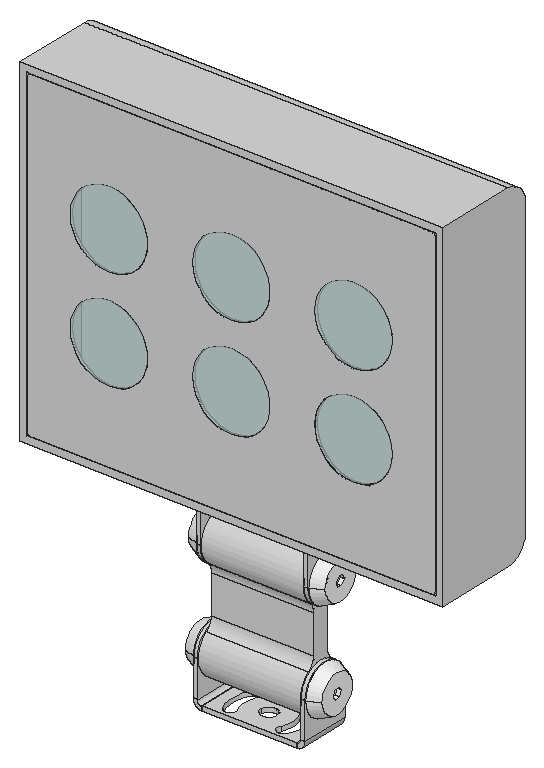
Revit family "Duomo 3.0", category Lighting Fixtures, Revit 2020
Family settings
  Round Connector Dimension = Use Diameter
  Part Type = Normal
  OmniClass Number = 23.80.70.00
  OmniClass Title = Lighting
  Work Plane-Based = No
  Always vertical = No
  Cut with Voids When Loaded = No
  Light Source = No
  Shared = No
  Room Calculation Point = Yes
Parameters (values of type "DUOMO 3.0 J 43° (3000K 28W 230Vac)")
  Wiring = "parallel"
  Width mm = 50 mm
  Weight kg = "2.10 kg"
  Vertical rotation max = 220.00°
  Vertical Rotation Structure max [instance] = 280.00°
  Vertical Rotation Structure Adjusted [instance] = if(Vertical Rotation Structure 2 < Vertical Rotation Structure min, Vertical Rotation Structure min, if(Vertical Rotation Structure 2 > Vertical Rotation Structure max, Vertical Rotation Structure max, Vertical Rotation Structure 2))  # 180.00°
  Vertical Rotation Structure 2 [instance] = Vertical Rotation Structure + 180.00°  # 180.00°
  Vertical Rotation Structure min [instance] = 60.00°
  Vertical Rotation Body min [instance] = 60.00°
  Vertical Rotation Body max [instance] = 280.00°
  Vertical Rotation Body Adjusted [instance] = if(Vertical Rotation Body 2 < Vertical Rotation Body min, Vertical Rotation Body min, if(Vertical Rotation Body 2 > Vertical Rotation Body max, Vertical Rotation Body max, Vertical Rotation Body 2))  # 180.00°
  Vertical Rotation Body 2 [instance] = Vertical Rotation Body + 180.00°  # 180.00°
  Vertical Rotation Body [instance] = 0.00°
  URL Accessories and power supply units = "https://www.lucelight.it/en/prodotto.php/130326#a-scheda-accessori"
  URL = "https://www.lucelight.it/en/prodotto.php/130326"
  URL Technical sheet = "-"
  URL Image = "https://www.lucelight.it/en/prodotto-foto.php/130326"
  URL IES Photometric file = "https://www.lucelight.it/media/prodotti/fotometrie/duomo_3.0_ies.zip"
  URL General code = "https://www.lucelight.it/en/prodotto.php/130326#a-generacodice"
  URL Description = "https://www.lucelight.it/en/capitolato.php/130326"
  URL DXF = "https://www.lucelight.it/media/prodotti/dxf/duomo_3.0.dxf"
  URL Catalogue = "-"
  Screw = L&L_Steel inox AISI 316L
  Power supply unit = "built-in"
  Power supply = "230Vac\r\n230Vac"
  Power cables = "-"
  Light Source = Light Source_30 : J 43°
  Connector = L&L_Plastic
  Power = "28W"
  Optics = "43°"
  No. and type of led = "6 power LEDs High Intensity, 3-step MacAdam, 50 000h L90 B10 (Ta 25°C)"
  Model = "Duomo 3.0"
  Manufacturer = "L&L Luce&Light"
  Notes = "available on request with adapter for Eurostandard track and in 1–10V or PUSH version, or with Bluetooth control"
  Mounting = "surface mounted (ceiling, wall, floor)"
  Material = "body and arm in Anticorodal aluminium,  screen in serigraphed, tempered, extra-clear glass"
  Lumen output at source = "2277 lm (3000K, CRI 90), 2640 lm (3000K, CRI 80)"
  Description = "Projector for indoor applications"
  Default Elevation = 0 mm
  Body = L&L_Anticorodal aluminium
  Base = L&L_Anticorodal aluminium
  Lens = L&L_Tempered extra-clear glass
  Length mm = 206 mm
  LED Colour = "3000K (also available: 2700K and 4000K - ref. URL Technical sheet)"
  IP = "IP54"
  Height mm = 166 mm
  Vertical Rotation Structure [instance] = 0.00°
  Features = "electrical wiring simplified by the ability to connect the electrical cables directly to the connector"
  Energy efficiency class = "A A+ A++"
  Delivered lumen output = "1982 lm (3000K, 30°, CRI 90), 2142 lm (3000K, 30°, CRI 80)"
  Cutout dimensions = "-"
  Control system = "DALI, ON/OFF"
  Contact = "T: +39 0444 360571; E: lucelight@lucelight.it"
  Company = "L&L Luce&Light"
  Code = "-"
  CRI = ">90 (also available: CRI 80 - ref. URL Technical sheet)"
  Apparent Load Phase 1 = 28 W
Types (8, lengths in mm): name | Light Source | Optics
  DUOMO 3.0 J 43° (3000K 28W 230Vac) | Light Source_30 : J 43° | "43°"
  DUOMO 3.0 K 63° (3000K 28W 230Vac) | Light Source_30 : K 63° | "63°"
  DUOMO 3.0 L 35° (3000K 28W 230Vac) | Light Source_30 : L 35° | "35°"
  DUOMO 3.0 M 30° (3000K 28W 230Vac) | Light Source_30 : M 30° | "30°"
  DUOMO 3.0 S 14° (3000K 28W 230Vac) | Light Source_30 : S 14° | "14°"
  DUOMO 3.0 T 10° (3000K 28W 230Vac) | Light Source_30 : T 10° | "10°"
  DUOMO 3.0 W 18°x44° (3000K 28W 230Vac) | Light Source_30 : W 18°x44° | "18°x44°"
  DUOMO 3.0 X 44°x18° (3000K 28W 230Vac) | Light Source_30 : X 44°x18° | "44°x18°"
Reference planes
  plane 1 "Light Source Axis (F/B)": y = 0
  plane 2: z = 0
  plane 3 "Light Source Axis (L/R)": x = 0
  plane 4 "Light Source Elevation": z = 420
Lines and regions (mm)
  reference lines
    curve 1: line (0, 0, 22) -> (0, 0, -55)
    curve 2: line (0, 0, 22) -> (0, 0, 82)
Dimensions and locks
  level to plane 4 "Light Source Elevation" = 420 mm
  locked: curve 1 to level (angle 90.00°)
  "Vertical Rotation Structure Adjusted": angle curve 1 to curve 2
  aligned and locked: level to plane 2
  aligned and locked: curve 1 to plane 1 "Light Source Axis (F/B)"
Automatic sketch dimensions
  level to curve 2 = 22 mm
Nested families
  nested 1: "Bracket" at (0, 0, 0), Vertical Rotation <- "Vertical Rotation Structure Adjusted", Base Braket <- "Base", Screw <- "Screw", type "Bracket"
    with Vertical Rotation 180.00°, Screw L&L_Steel inox AISI 316L, Base Braket L&L_Anticorodal aluminium
  nested 2: "Duomo 30_Body" at (1.486, 0, 72), Vertical Rotation <- "Vertical Rotation Body Adjusted", Base Braket <- "Base", Body <- "Body", Connector <- "Connector", Lens <- "Lens", Screw <- "Screw", type "Duomo 30_Body"
    with Vertical Rotation 180.00°, Screw L&L_Steel inox AISI 316L, Lens L&L_Tempered extra-clear glass, Connector L&L_Plastic, Body L&L_Anticorodal aluminium, Base Braket L&L_Anticorodal aluminium
  nested 3: "Light Source_30" at (-9.559, -21.5, 177.49) x (-1, 0, 0) z (0, -1, 0), type <- "Light Source", type "J 43°"
Connectors
  electrical at (0, 0, 0)
    settings: index 1, voltage 0 V, apparent load 0 VA, apparent load phase1 0 VA, apparent load phase2 0 VA, apparent load phase3 0 VA, power factor 1, load classification "Other", number of poles 1, system type 31, power factor state 1, is connector primary yes, connector utility no, sub classification motor no, connector description ""
Definition of nested family "Bracket"
  Parameters (values of type "Bracket")
    Width = 24 mm
    Vertical Rotation [instance] = 180.00°
    Screw [instance] = none
    Length = 66.8 mm
    Default Elevation = 0 mm
    Base Braket [instance] = none
  Reference planes
    plane 1 "Light Source Axis (F/B)": y = 0
    plane 2: z = 0
    plane 3 "Light Source Axis (L/R)": x = 0
    plane 4 "Light Source Elevation": z = 475
    plane 5: x = -33.4
    plane 6: x = 33.4
    plane 7: y = 12
    plane 8: y = -12
  Forms (mm)
    Extrusion 1, solid, material <- "Base Braket"
      sketch origin (0, 0, 0) x (1, 0, 0) y (0, 0, 1)
        loop
          arc (-27.4, 4) -> (-26.228, 1.172) -> (-23.4, 0) r 4
          line (-23.4, 0) -> (-23.4, 2)
          arc (-23.4, 2) -> (-24.814, 2.586) -> (-25.4, 4) r 2
          line (-25.4, 4) -> (-27.4, 4)
        loop
          arc (23.4, 0) -> (26.228, 1.172) -> (27.4, 4) r 4
          line (27.4, 4) -> (25.4, 4)
          arc (25.4, 4) -> (24.814, 2.586) -> (23.4, 2) r 2
          line (23.4, 2) -> (23.4, 0)
      from -12 to 12
    Extrusion 2, solid, material <- "Base Braket", detail levels coarse+medium
      sketch origin (0, 0, 0) x (1, 0, 0) y (0, 1, 0)
        loop
          line (-23.4, 12) -> (-23.4, -12) -> (23.4, -12) -> (23.4, 12) -> (-23.4, 12)
      from 0 to 2
    Extrusion 3, solid, material <- "Base Braket", detail levels fine
      sketch origin (0, 0, 0) x (1, 0, 0) y (0, 1, 0)
        loop
          line (-23.4, 12) -> (-23.4, -12) -> (23.4, -12) -> (23.4, 12) -> (-23.4, 12)
        loop
          circle (0, 0) r 4
        loop
          arc (-10.442, 5.913) -> (-11.574, 10.002) -> (-15.663, 8.87) r 3
          arc (-15.663, 8.87) -> (-18, 0) -> (-15.663, -8.87) r 18
          arc (-15.663, -8.87) -> (-11.574, -10.002) -> (-10.442, -5.913) r 3
          arc (-10.442, -5.913) -> (-12, 0) -> (-10.442, 5.913) r 12
        loop
          arc (10.442, 5.913) -> (12, 0) -> (10.442, -5.913) r 12
          arc (10.442, -5.913) -> (11.574, -10.002) -> (15.663, -8.87) r 3
          arc (15.663, -8.87) -> (18, 0) -> (15.663, 8.87) r 18
          arc (15.663, 8.87) -> (11.574, 10.002) -> (10.442, 5.913) r 3
      from 0 to 2
    Extrusion 4, solid, material <- "Base Braket"
      sketch origin (0, 0, 0) x (0, 1, 0) y (0, 0, 1)
        loop
          line (12, 4) -> (12, 22)
          arc (12, 22) -> (0, 34) -> (-12, 22) r 12
          line (-12, 22) -> (-12, 4) -> (12, 4)
      from -27.4 to -25.4
    Extrusion 5, solid, material <- "Base Braket"
      sketch origin (31.914, 0, 0) x (0, 1, 0) y (0, 0, 1)
        loop
          line (12, 4) -> (12, 22)
          arc (12, 22) -> (0, 34) -> (-12, 22) r 12
          line (-12, 22) -> (-12, 4) -> (12, 4)
      from -6.514 to -4.514
    Blend 6, solid, material <- "Screw", detail levels fine
      base sketch origin (0, 0, 0) x (0, 1, 0) y (0, 0, 1)
        loop
          circle (0, 22) r 12
      top sketch origin (0, 0, 0) x (0, 1, 0) y (0, 0, 1)
        loop
          circle (0, 22) r 9.138
      from 27.4 to 33.4
    Blend 7, solid, material <- "Screw", detail levels fine
      base sketch origin (0, 0, 0) x (0, 1, 0) y (0, 0, -1)
        loop
          circle (0, -22) r 12
      top sketch origin (0, 0, 0) x (0, 1, 0) y (0, 0, -1)
        loop
          circle (0, -22) r 9.138
      from 27.4 to 33.4
    Extrusion 8, solid, material <- "Screw", detail levels medium
      sketch origin (0, 0, 0) x (0, 1, 0) y (0, 0, 1)
        loop
          circle (0, 22) r 12
      from -33.4 to -27.4
    Extrusion 9, solid, material <- "Screw", detail levels medium
      sketch origin (0, 0, 0) x (0, 1, 0) y (0, 0, -1)
        loop
          circle (0, -22) r 12
      from -33.4 to -27.4
    Extrusion 10, void
      sketch origin (0, 0, 0) x (0, 1, 0) y (0, 0, 1)
        loop
          line (-1.844, 24.221) -> (-2.845, 21.513) -> (-1.001, 19.292) -> (1.844, 19.779) -> (2.845, 22.487) -> (1.001, 24.708) -> (-1.844, 24.221)
      from -46.814 to -30.9
    Extrusion 11, void
      sketch origin (0, 0, 0) x (0, 1, 0) y (0, 0, -1)
        loop
          line (-1.844, -24.221) -> (1.001, -24.708) -> (2.845, -22.487) -> (1.844, -19.779) -> (-1.001, -19.292) -> (-2.845, -21.513) -> (-1.844, -24.221)
      from -46.814 to -30.9
    Extrusion 12, solid, material <- "Base Braket"
      sketch origin (0, 0, 22) x (0, 0, 1) y (0, -1, 0)
        loop
          arc (9.784, 6.947) -> (-12, 0) -> (9.784, -6.947) r 12
          arc (9.784, -6.947) -> (12.28, -4.78) -> (15.492, -4) r 7
          line (15.492, -4) -> (34.508, -4)
          arc (34.508, -4) -> (37.72, -4.78) -> (40.216, -6.947) r 7
          arc (40.216, -6.947) -> (38, 0) -> (40.216, 6.947) r 12
          arc (40.216, 6.947) -> (37.72, 4.78) -> (34.508, 4) r 7
          line (34.508, 4) -> (15.492, 4)
          arc (15.492, 4) -> (12.28, 4.78) -> (9.784, 6.947) r 7
      from -24.9 to 25.1
  Cuts and joins
    Extrusion 10 cuts Blend 7
    Extrusion 11 cuts Blend 6
  Lines and regions (mm)
    reference lines
      curve 1: line (0, 0, 0) -> (0, 0, 22)
      curve 2: line (0, 0, 22) -> (0, 0, 84.907)
  Dimensions and locks
    equal spacing: plane 5, plane 3 "Light Source Axis (L/R)", plane 6
    "Length": plane 5 to plane 6
    level to plane 4 "Light Source Elevation" = 475 mm
    equal spacing: plane 7, plane 1 "Light Source Axis (F/B)", plane 8
    "Width": plane 7 to plane 8
    locked: curve 1 to level (angle 90.00°)
    "Vertical Rotation": angle curve 1 to curve 2
    aligned and locked: level to plane 2
    aligned and locked: plane 7 to Extrusion 1
    aligned and locked: Extrusion 1 to plane 8
    aligned and locked: Extrusion 2 sketch curve to Extrusion 1  (x4)
  Automatic sketch dimensions
    Extrusion 1 sketch curve to level = 0 mm  (x2)
    Extrusion 1 sketch curve to Extrusion 1 sketch curve = 2 mm  (x4)
    Extrusion 3 sketch curve to Extrusion 3 sketch curve = 0 mm  (x13)
    Extrusion 3 sketch curve to plane 8 = 0 mm
    Extrusion 3 sketch curve to plane 7 = 0 mm
    plane 1 "Light Source Axis (F/B)" to Extrusion 3 sketch curve = 0 mm
    Extrusion 3 sketch curve to plane 3 "Light Source Axis (L/R)" = 0 mm
    plane 8 to Extrusion 3 sketch curve = 4.609 mm  (x2)
    Extrusion 3 sketch curve to plane 3 "Light Source Axis (L/R)" = 13.052 mm  (x2)
    Extrusion 3 sketch curve to plane 7 = 4.609 mm  (x2)
    plane 3 "Light Source Axis (L/R)" to Extrusion 3 sketch curve = 13.052 mm  (x2)
    Extrusion 3 sketch curve to Extrusion 3 sketch curve = 2.61 mm  (x7)
    Extrusion 4 sketch curve to plane 8 = 0 mm
    Extrusion 4 sketch curve to plane 1 "Light Source Axis (F/B)" = 0 mm
    level to Extrusion 4 sketch curve = 4 mm
    Extrusion 4 sketch curve to Extrusion 4 sketch curve = 18 mm
    Extrusion 4 sketch curve to Extrusion 4 sketch curve = 0 mm
    Extrusion 5 sketch curve to plane 8 = 0 mm
    Extrusion 5 sketch curve to plane 1 "Light Source Axis (F/B)" = 0 mm
    level to Extrusion 5 sketch curve = 4 mm
    Extrusion 5 sketch curve to Extrusion 5 sketch curve = 18 mm
    Extrusion 5 sketch curve to Extrusion 5 sketch curve = 0 mm
    Blend 6 sketch curve to plane 1 "Light Source Axis (F/B)" = 0 mm  (x2)
    level to Blend 6 sketch curve = 22 mm  (x2)
    Blend 7 sketch curve to plane 1 "Light Source Axis (F/B)" = 0 mm  (x2)
    level to Blend 7 sketch curve = 22 mm  (x2)
    Extrusion 8 sketch curve to plane 1 "Light Source Axis (F/B)" = 0 mm
    level to Extrusion 8 sketch curve = 22 mm
    Extrusion 9 sketch curve to plane 1 "Light Source Axis (F/B)" = 0 mm
    level to Extrusion 9 sketch curve = 22 mm
    plane 1 "Light Source Axis (F/B)" to Extrusion 10 sketch curve = 2.845 mm
    plane 1 "Light Source Axis (F/B)" to Extrusion 10 sketch curve = 1.844 mm
    plane 1 "Light Source Axis (F/B)" to Extrusion 10 sketch curve = 1.001 mm
    Extrusion 10 sketch curve to plane 1 "Light Source Axis (F/B)" = 1.001 mm
    Extrusion 10 sketch curve to plane 1 "Light Source Axis (F/B)" = 1.844 mm
    Extrusion 10 sketch curve to plane 1 "Light Source Axis (F/B)" = 2.845 mm
    level to Extrusion 10 sketch curve = 19.292 mm
    Extrusion 10 sketch curve to Extrusion 10 sketch curve = 0.487 mm
    Extrusion 10 sketch curve to Extrusion 10 sketch curve = 2.221 mm  (x2)
    Extrusion 10 sketch curve to Extrusion 10 sketch curve = 2.708 mm  (x2)
    plane 1 "Light Source Axis (F/B)" to Extrusion 11 sketch curve = 2.845 mm
    plane 1 "Light Source Axis (F/B)" to Extrusion 11 sketch curve = 1.844 mm
    plane 1 "Light Source Axis (F/B)" to Extrusion 11 sketch curve = 1.001 mm
    Extrusion 11 sketch curve to plane 1 "Light Source Axis (F/B)" = 1.001 mm
    Extrusion 11 sketch curve to plane 1 "Light Source Axis (F/B)" = 1.844 mm
    Extrusion 11 sketch curve to plane 1 "Light Source Axis (F/B)" = 2.845 mm
    level to Extrusion 11 sketch curve = 24.708 mm
    Extrusion 11 sketch curve to Extrusion 11 sketch curve = 0.487 mm
    Extrusion 11 sketch curve to Extrusion 11 sketch curve = 2.221 mm  (x2)
    Extrusion 11 sketch curve to Extrusion 11 sketch curve = 2.708 mm  (x2)
    Extrusion 1 sketch curve to plane 6 = 10 mm
    Extrusion 3 sketch curve to Extrusion 3 sketch curve = 7.737 mm  (x2)
    Extrusion 1 sketch curve to Extrusion 1 sketch curve = 0 mm
    plane 5 to Extrusion 1 sketch curve = 10 mm
    Extrusion 12 sketch curve to curve 2 = 0 mm  (x3)
    Extrusion 12 sketch curve to curve 2 = 11 mm
    Extrusion 12 sketch curve to curve 2 = 28.399 mm
    Extrusion 12 sketch curve to curve 2 = 4 mm
    Extrusion 12 sketch curve to Extrusion 12 sketch curve = 5.708 mm  (x4)
    Extrusion 12 sketch curve to Extrusion 12 sketch curve = 0 mm  (x6)
    curve 2 to Extrusion 12 sketch curve = 4 mm
    Extrusion 12 sketch curve to Extrusion 12 sketch curve = 7 mm
    Extrusion 12 sketch curve to Extrusion 12 sketch curve = 9.784 mm
    Extrusion 12 sketch curve to curve 2 = 6.947 mm
    curve 1 to plane 1 "Light Source Axis (F/B)" = 0 mm
    curve 1 to level = 0 mm
    radius of Extrusion 3 sketch curve = 4 mm
    radius of Blend 6 sketch curve = 12 mm
    radius of Blend 6 sketch curve = 9.138 mm
    radius of Blend 7 sketch curve = 12 mm
    radius of Blend 7 sketch curve = 9.138 mm
    radius of Extrusion 8 sketch curve = 12 mm
    radius of Extrusion 9 sketch curve = 12 mm
Definition of nested family "Duomo 30_Body"
  Parameters (values of type "Duomo 30_Body")
    Width = 24 mm
    Vertical Rotation [instance] = 180.00°
    Screw [instance] = none
    Lens [instance] = none
    Length = 66.8 mm
    Default Elevation = 1219.2 mm
    Connector [instance] = none
    Body [instance] = none
    Base Braket [instance] = none
  Reference planes
    plane 1 "Light Source Axis (F/B)": y = 0
    plane 2: z = 0
    plane 3 "Light Source Axis (L/R)": x = 0
    plane 4 "Light Source Elevation": z = 475
    plane 5: x = -33.4
    plane 6: x = 33.4
    plane 7: y = 12
    plane 8: y = -12
  Lines and regions (mm)
    reference lines
      curve 1: line (0, 0, -78.016) -> (0, 0, 0)
      curve 2: line (0, 0, 0) -> (0, 0, 73.234)
  Dimensions and locks
    equal spacing: plane 5, plane 3 "Light Source Axis (L/R)", plane 6
    "Length": plane 5 to plane 6
    level to plane 4 "Light Source Elevation" = 475 mm
    equal spacing: plane 7, plane 1 "Light Source Axis (F/B)", plane 8
    "Width": plane 7 to plane 8
    locked: curve 1 to level (angle 90.00°)
    "Vertical Rotation": angle curve 1 to curve 2
    aligned and locked: level to plane 2
    aligned and locked: level to curve 1
    aligned and locked: curve 1 to curve 2
  Automatic sketch dimensions
    curve 1 to plane 1 "Light Source Axis (F/B)" = 0 mm
    curve 2 to level = 0 mm
  Nested families
    nested 1: "Body" at (0.6, 0, 0), Body <- "Body", Connector <- "Connector", Lens <- "Lens", Screw <- "Screw", type "Body"
      with Screw none, Lens none, Connector none, Body none
    nested 2: "Hinge" at (0, 0, 0) x (-1, 0, 0) z (0, 0, 1), Base Braket <- "Base Braket", Screw <- "Screw", type "Hinge"
      with Vertical Rotation 180.00°, Base Braket none
  Definition of nested family "Body"
    Parameters (values of type "Body")
      Width = 24 mm
      Screw [instance] = none
      Length = 66.8 mm
      Lens [instance] = none
      Default Elevation = 1219.2 mm
      Connector [instance] = none
      Body [instance] = none
    Reference planes
      plane 1 "Light Source Axis (F/B)": y = 0
      plane 2: z = 0
      plane 3 "Light Source Axis (L/R)": x = 0
      plane 4 "Light Source Elevation": z = 475
      plane 5: x = -33.4
      plane 6: x = 33.4
      plane 7: y = 12
      plane 8: y = -12
    Forms (mm)
      Extrusion 1, solid, material <- "Body", detail levels coarse
        sketch origin (0, 0, 0) x (0, 0, 1) y (0, -1, 0)
          loop
            line (188.2, -18.033) -> (188.2, 21.5) -> (22, 21.5) -> (22, -18.033)
            arc (22, -18.033) -> (24.224, -24.53) -> (29.963, -28.3) r 10.6
            line (29.963, -28.3) -> (180.237, -28.3)
            arc (180.237, -28.3) -> (185.976, -24.53) -> (188.2, -18.033) r 10.6
        from -106.734 to 100.466
      Extrusion 2, solid, material <- "Lens", detail levels medium+fine
        sketch origin (-63.063, 0, 0) x (0, 0, 1) y (1, 0, 0)
          loop
            circle (130.075, 0) r 19.016
          loop
            circle (79.956, 0) r 19.016
        from -21.5 to -20.5
      Extrusion 3, solid, material <- "Body", detail levels medium+fine
        sketch origin (0, 0, 0) x (0, 0, 1) y (0, -1, 0)
          loop
            line (188.2, -18.033) -> (188.2, 21.5) -> (22, 21.5) -> (22, -18.033)
            arc (22, -18.033) -> (24.224, -24.53) -> (29.963, -28.3) r 10.6
            line (29.963, -28.3) -> (180.237, -28.3)
            arc (180.237, -28.3) -> (185.976, -24.53) -> (188.2, -18.033) r 10.6
        from -106.734 to 100.466
      Extrusion 4, void
        sketch origin (0, 0, 0) x (0, 0, 1) y (1, 0, 0)
          loop
            line (185.1, -103.634) -> (185.1, 97.366) -> (25.1, 97.366) -> (25.1, -103.634) -> (185.1, -103.634)
        from -160.769 to 12
      Extrusion 5, solid, material <- "Body", detail levels medium+fine
        sketch origin (0, 0, 0) x (0, 0, 1) y (1, 0, 0)
          loop
            line (184.6, -101.134) -> (184.6, 94.866)
            arc (184.6, 94.866) -> (184.014, 96.28) -> (182.6, 96.866) r 2
            line (182.6, 96.866) -> (27.6, 96.866)
            arc (27.6, 96.866) -> (26.186, 96.28) -> (25.6, 94.866) r 2
            line (25.6, 94.866) -> (25.6, -101.134)
            arc (25.6, -101.134) -> (26.186, -102.549) -> (27.6, -103.134) r 2
            line (27.6, -103.134) -> (182.6, -103.134)
            arc (182.6, -103.134) -> (184.014, -102.549) -> (184.6, -101.134) r 2
          loop
            circle (130.075, 56.826) r 19.016
          loop
            circle (130.075, -3.119) r 19.016
          loop
            circle (130.075, -63.063) r 19.016
          loop
            circle (79.956, -63.063) r 19.016
          loop
            circle (79.956, -3.119) r 19.016
          loop
            circle (79.956, 56.826) r 19.016
        from -21.5 to -20.5
      Extrusion 6, solid, material <- "Screw", detail levels medium+fine
        sketch origin (0, 0, 0) x (1, 0, 0) y (0, 1, 0)
          loop
            circle (-13.6, 0) r 6
        from 19 to 20
      Extrusion 7, solid, material <- "Screw", detail levels fine
        sketch origin (-0.123, 2.332, 0) x (0.985191, 0.171462, 0) y (-0.171462, 0.985191, 0)
          loop
            line (-8.726, 2.73) -> (-13.722, 5.614) -> (-18.719, 2.73) -> (-18.719, -3.039) -> (-13.722, -5.924) -> (-8.726, -3.039) -> (-8.726, 2.73)
        from 15 to 19
      Extrusion 8, solid, material <- "Screw", detail levels medium+fine
        sketch origin (25, 0, 0) x (1, 0, 0) y (0, 1, 0)
          loop
            circle (-13.6, 0) r 6
        from 19 to 20
      Extrusion 9, solid, material <- "Screw", detail levels fine
        sketch origin (24.877, 2.332, 0) x (0.985191, 0.171462, 0) y (-0.171462, 0.985191, 0)
          loop
            line (-8.726, 2.73) -> (-13.722, 5.614) -> (-18.719, 2.73) -> (-18.719, -3.039) -> (-13.722, -5.924) -> (-8.726, -3.039) -> (-8.726, 2.73)
        from 15 to 19
      Extrusion 10, solid, material <- "Lens", detail levels medium+fine
        sketch origin (-3.119, 0, 0) x (0, 0, 1) y (1, 0, 0)
          loop
            circle (130.075, 0) r 19.016
          loop
            circle (79.956, 0) r 19.016
        from -21.5 to -20.5
      Extrusion 11, solid, material <- "Lens", detail levels medium+fine
        sketch origin (56.826, 0, 0) x (0, 0, 1) y (1, 0, 0)
          loop
            circle (130.075, 0) r 19.016
          loop
            circle (79.956, 0) r 19.016
        from -21.5 to -20.5
      Revolve 12, solid, material <- "Connector", detail levels fine
        sketch origin (-50.56, 28.3, 44.906) x (1, 0, 0) y (0, 1, 0)
          loop
            line (-11.264, 24.675) -> (-11.43, 5.675) -> (-12.419, 5.675) -> (-12.419, 4.675) -> (-11.419, 4.675) -> (-11.419, 3.875) -> (-12.219, 3.875) -> (-12.219, 0) -> (0, 0) -> (0, 28.575) -> (-3.669, 28.575) -> (-4.235, 28.009) -> (-4.07, 25.675) -> (-4.919, 25.675) -> (-4.919, 24.894) -> (-7.653, 24.894) -> (-8.424, 24.675) -> (-11.264, 24.675)
          axis (0, 0) -> (0, 28.575)
        angle from 0 to 360
      Extrusion 13, solid, material <- "Connector", detail levels fine
        sketch origin (-50.56, 28.3, 44.906) x (1, 0, 0) y (0, 1, 0)
          loop
            line (0, 25.675) -> (0, 24.675) -> (11.498, 24.675)
            arc (11.498, 24.675) -> (15.336, 24.575) -> (19.164, 24.274) r 73.336
            arc (19.164, 24.274) -> (21.112, 23.77) -> (22.828, 22.718) r 6.808
            arc (22.828, 22.718) -> (24.467, 20.543) -> (24.987, 17.871) r 6.052
            arc (24.987, 17.871) -> (24.69, 15.045) -> (24.002, 12.289) r 20.362
            arc (24.002, 12.289) -> (23.006, 10.292) -> (21.47, 8.672) r 7.551
            arc (21.47, 8.672) -> (19.295, 7.206) -> (16.938, 6.056) r 18.8
            arc (16.938, 6.056) -> (16.327, 5.839) -> (15.699, 5.675) r 7.547
            line (15.699, 5.675) -> (9.749, 5.675) -> (9.749, 4.675) -> (15.802, 4.675)
            arc (15.802, 4.675) -> (16.568, 4.867) -> (17.313, 5.129) r 8.547
            arc (17.313, 5.129) -> (19.795, 6.34) -> (22.086, 7.884) r 19.8
            arc (22.086, 7.884) -> (23.826, 9.718) -> (24.953, 11.98) r 8.551
            arc (24.953, 11.98) -> (25.674, 14.872) -> (25.986, 17.836) r 21.362
            arc (25.986, 17.836) -> (25.381, 20.95) -> (23.471, 23.484) r 7.052
            arc (23.471, 23.484) -> (21.503, 24.69) -> (19.268, 25.268) r 7.808
            arc (19.268, 25.268) -> (15.389, 25.573) -> (11.498, 25.675) r 74.336
            line (11.498, 25.675) -> (0, 25.675)
        from -3.602 to 3.609
      Revolve 14, solid, material <- "Connector", detail levels fine
        sketch origin (44.533, 0, 0) x (0, 0, 1) y (0, -1, 0)
          loop
            line (56.5, -28.3) -> (45, -28.3) -> (45, -54.004) -> (56.5, -54.004) -> (56.5, -37.154) -> (52.491, -37.154) -> (52.491, -36.354) -> (56.5, -36.354) -> (56.5, -28.3)
          axis (45, -28.3) -> (45, -54.004)
        angle from 0 to 360
      Extrusion 15, solid, material <- "Connector", detail levels fine
        sketch origin (88.733, 0, 0) x (1, 0, 0) y (0, 0, 1)
          loop
            line (-53.62, 51.596) -> (-55.698, 44.799) -> (-53.384, 38.079) -> (-47.562, 34.002) -> (-40.456, 34.127) -> (-34.78, 38.404) -> (-32.702, 45.201) -> (-35.016, 51.921) -> (-40.838, 55.998) -> (-47.944, 55.873) -> (-53.62, 51.596)
        from -65.004 to -54.004
      Revolve 16, solid, material <- "Connector", detail levels fine
        sketch origin (44.533, 0, 0) x (0, 0, 1) y (0, -1, 0)
          loop
            arc (53.496, -65.5) -> (53.644, -65.149) -> (53.996, -65.004) r 0.5
            line (53.996, -65.004) -> (44.799, -65.004) -> (44.799, -68.021) -> (53.496, -68.021) -> (54.151, -67.558) -> (54.151, -66.758) -> (53.496, -66.3) -> (53.496, -65.5)
          axis (44.799, -65.004) -> (44.799, -68.021)
        angle from 0 to 360
      Extrusion 17, solid, material <- "Connector", detail levels fine
        sketch origin (88.733, 19.006, 0) x (1, 0, 0) y (0, 0, 1)
          loop
            line (-47.944, 55.873) -> (-51.82, 53.613) -> (-54.536, 50.041) -> (-55.679, 45.702) -> (-55.073, 41.256) -> (-52.813, 37.38) -> (-49.241, 34.664) -> (-44.902, 33.521) -> (-40.456, 34.127) -> (-36.58, 36.387) -> (-33.864, 39.959) -> (-32.721, 44.298) -> (-33.327, 48.744) -> (-35.587, 52.62) -> (-39.159, 55.336) -> (-43.498, 56.479) -> (-47.944, 55.873)
        from -60.692 to -49.016
      Revolve 18, solid, material <- "Connector", detail levels fine
        sketch origin (44.533, 15.433, 0) x (0, 0, 1) y (0, -1, 0)
          loop
            arc (52.25, -68.022) -> (54.303, -67.171) -> (55.153, -65.118) r 2.903
            line (55.153, -65.118) -> (55.153, -64.265) -> (44.799, -64.265) -> (44.799, -68.022) -> (52.25, -68.022)
          axis (44.799, -64.265) -> (44.799, -68.022)
        angle from 0 to 360
    Cuts and joins
      Extrusion 4 cuts Extrusion 3
    Dimensions and locks
      equal spacing: plane 5, plane 3 "Light Source Axis (L/R)", plane 6
      "Length": plane 5 to plane 6
      level to plane 4 "Light Source Elevation" = 475 mm
      equal spacing: plane 7, plane 1 "Light Source Axis (F/B)", plane 8
      "Width": plane 7 to plane 8
      aligned and locked: level to plane 2
      aligned and locked: plane 7 to Extrusion 4
    Automatic sketch dimensions
      plane 7 to Extrusion 1 sketch curve = 6.033 mm  (x2)
      level to Extrusion 1 sketch curve = 22 mm
      Extrusion 1 sketch curve to Extrusion 1 sketch curve = 7.963 mm
      Extrusion 1 sketch curve to Extrusion 1 sketch curve = 2.637 mm  (x2)
      Extrusion 1 sketch curve to Extrusion 1 sketch curve = 145 mm
      Extrusion 1 sketch curve to plane 8 = 9.5 mm
      Extrusion 2 sketch curve to plane 5 = 29.663 mm  (x2)
      level to Extrusion 2 sketch curve = 79.956 mm
      Extrusion 2 sketch curve to Extrusion 2 sketch curve = 50.118 mm
      plane 7 to Extrusion 3 sketch curve = 6.033 mm  (x2)
      level to Extrusion 3 sketch curve = 22 mm
      Extrusion 3 sketch curve to Extrusion 3 sketch curve = 7.963 mm
      Extrusion 3 sketch curve to Extrusion 3 sketch curve = 2.637 mm  (x2)
      Extrusion 3 sketch curve to Extrusion 3 sketch curve = 145 mm
      Extrusion 3 sketch curve to plane 8 = 9.5 mm
      level to Extrusion 4 sketch curve = 25.1 mm
      Extrusion 4 sketch curve to plane 5 = 70.234 mm
      Extrusion 4 sketch curve to Extrusion 4 sketch curve = 160 mm
      plane 6 to Extrusion 4 sketch curve = 63.966 mm
      level to Extrusion 5 sketch curve = 25.6 mm
      Extrusion 5 sketch curve to Extrusion 5 sketch curve = 2 mm  (x3)
      Extrusion 5 sketch curve to Extrusion 5 sketch curve = 155 mm  (x2)
      plane 6 to Extrusion 5 sketch curve = 61.466 mm
      Extrusion 5 sketch curve to plane 5 = 67.734 mm
      plane 1 "Light Source Axis (F/B)" to Extrusion 6 sketch curve = 0 mm
      Extrusion 6 sketch curve to plane 3 "Light Source Axis (L/R)" = 13.6 mm
      plane 1 "Light Source Axis (F/B)" to Extrusion 7 sketch curve = 3.872 mm
      plane 5 to Extrusion 7 sketch curve = 15.356 mm
      Extrusion 7 sketch curve to Extrusion 7 sketch curve = 4.996 mm  (x3)
      Extrusion 7 sketch curve to Extrusion 7 sketch curve = 0 mm
      Extrusion 7 sketch curve to Extrusion 7 sketch curve = 2.885 mm  (x2)
      Extrusion 7 sketch curve to Extrusion 7 sketch curve = 5.769 mm  (x2)
      plane 1 "Light Source Axis (F/B)" to Extrusion 8 sketch curve = 0 mm
      plane 3 "Light Source Axis (L/R)" to Extrusion 8 sketch curve = 11.4 mm
      plane 1 "Light Source Axis (F/B)" to Extrusion 9 sketch curve = 3.872 mm
      plane 3 "Light Source Axis (L/R)" to Extrusion 9 sketch curve = 6.956 mm
      Extrusion 9 sketch curve to Extrusion 9 sketch curve = 4.996 mm  (x3)
      Extrusion 9 sketch curve to Extrusion 9 sketch curve = 0 mm
      Extrusion 9 sketch curve to Extrusion 9 sketch curve = 2.885 mm  (x2)
      Extrusion 9 sketch curve to Extrusion 9 sketch curve = 5.769 mm  (x2)
      Extrusion 10 sketch curve to plane 3 "Light Source Axis (L/R)" = 3.119 mm  (x2)
      level to Extrusion 10 sketch curve = 79.956 mm
      Extrusion 10 sketch curve to Extrusion 10 sketch curve = 50.118 mm
      plane 6 to Extrusion 11 sketch curve = 23.426 mm  (x2)
      level to Extrusion 11 sketch curve = 79.956 mm
      Extrusion 11 sketch curve to Extrusion 11 sketch curve = 50.118 mm
      plane 6 to Extrusion 5 sketch curve = 23.426 mm  (x2)
      Extrusion 5 sketch curve to Extrusion 5 sketch curve = 52.525 mm
      Extrusion 5 sketch curve to Extrusion 5 sketch curve = 19.016 mm  (x6)
      Extrusion 5 sketch curve to plane 3 "Light Source Axis (L/R)" = 3.119 mm  (x2)
      Extrusion 5 sketch curve to Extrusion 5 sketch curve = 0 mm  (x4)
      Extrusion 5 sketch curve to plane 5 = 29.663 mm  (x2)
      Extrusion 5 sketch curve to Extrusion 5 sketch curve = 31.103 mm  (x3)
      Revolve 12 sketch curve to plane 5 = 29.58 mm
      Revolve 12 sketch curve to Revolve 12 sketch curve = 0.2 mm
      Revolve 12 sketch curve to Revolve 12 sketch curve = 0.989 mm
      Revolve 12 sketch curve to Revolve 12 sketch curve = 0.011 mm
      Revolve 12 sketch curve to Revolve 12 sketch curve = 0.166 mm
      Revolve 12 sketch curve to Revolve 12 sketch curve = 2.841 mm
      Revolve 12 sketch curve to Revolve 12 sketch curve = 0.77 mm
      Revolve 12 sketch curve to Revolve 12 sketch curve = 2.734 mm
      Revolve 12 sketch curve to Revolve 12 sketch curve = 0.685 mm
      Revolve 12 sketch curve to Revolve 12 sketch curve = 0.85 mm
      Revolve 12 sketch curve to Revolve 12 sketch curve = 0.566 mm  (x2)
      Revolve 12 sketch curve to Revolve 12 sketch curve = 3.669 mm
      plane 7 to Revolve 12 sketch curve = 16.3 mm
      Revolve 12 sketch curve to Revolve 12 sketch curve = 3.875 mm
      Revolve 12 sketch curve to Revolve 12 sketch curve = 0.8 mm
      Revolve 12 sketch curve to Revolve 12 sketch curve = 1 mm
      Revolve 12 sketch curve to Revolve 12 sketch curve = 19 mm
      Revolve 12 sketch curve to Revolve 12 sketch curve = 0.219 mm
      Revolve 12 sketch curve to Revolve 12 sketch curve = 0.781 mm
      Revolve 12 sketch curve to Revolve 12 sketch curve = 2.334 mm
      Revolve 12 sketch curve to Revolve 12 sketch curve = 0 mm  (x2)
      Revolve 12 sketch curve to Revolve 12 sketch curve = 5 mm
      Extrusion 13 sketch curve to Extrusion 13 sketch curve = 0 mm  (x24)
      Extrusion 13 sketch curve to plane 5 = 17.16 mm
      Extrusion 13 sketch curve to Extrusion 13 sketch curve = 4.637 mm
      Extrusion 13 sketch curve to plane 5 = 7.411 mm
      Extrusion 13 sketch curve to Extrusion 13 sketch curve = 5.258 mm
      Extrusion 13 sketch curve to plane 5 = 5.662 mm
      Extrusion 13 sketch curve to plane 5 = 3.049 mm
      Extrusion 13 sketch curve to plane 5 = 1.461 mm
      Extrusion 13 sketch curve to Extrusion 13 sketch curve = 0.103 mm
      Extrusion 13 sketch curve to plane 5 = 0.339 mm
      plane 5 to Extrusion 13 sketch curve = 1.292 mm
      Extrusion 13 sketch curve to Extrusion 13 sketch curve = 0.486 mm
      Extrusion 13 sketch curve to plane 8 = 8.36 mm
      plane 7 to Extrusion 13 sketch curve = 20.975 mm
      Extrusion 13 sketch curve to Extrusion 13 sketch curve = 1 mm  (x2)
      Extrusion 13 sketch curve to Extrusion 13 sketch curve = 7.378 mm
      Extrusion 13 sketch curve to Extrusion 13 sketch curve = 1.569 mm
      Extrusion 13 sketch curve to Extrusion 13 sketch curve = 2.88 mm
      Extrusion 13 sketch curve to Extrusion 13 sketch curve = 0.579 mm
      Extrusion 13 sketch curve to Extrusion 13 sketch curve = 5.528 mm
      Extrusion 13 sketch curve to Extrusion 13 sketch curve = 4.906 mm
      Extrusion 13 sketch curve to Extrusion 13 sketch curve = 1.188 mm
      plane 7 to Revolve 14 sketch curve = 16.3 mm
      level to Revolve 14 sketch curve = 45 mm
      Revolve 14 sketch curve to Revolve 14 sketch curve = 7.491 mm
      Revolve 14 sketch curve to Revolve 14 sketch curve = 11.5 mm
      Revolve 14 sketch curve to Revolve 14 sketch curve = 0 mm  (x2)
      Revolve 14 sketch curve to Revolve 14 sketch curve = 8.054 mm
      Revolve 14 sketch curve to Revolve 14 sketch curve = 0.8 mm
      Revolve 14 sketch curve to Revolve 14 sketch curve = 16.85 mm
      Revolve 14 sketch curve to Revolve 14 sketch curve = 1.893 mm
      Revolve 14 sketch curve to Revolve 14 sketch curve = 8.107 mm
      Extrusion 15 sketch curve to plane 6 = 0.366 mm
      plane 6 to Extrusion 15 sketch curve = 1.712 mm
      plane 6 to Extrusion 15 sketch curve = 1.948 mm
      Extrusion 15 sketch curve to Extrusion 15 sketch curve = 5.676 mm  (x2)
      Extrusion 15 sketch curve to Extrusion 15 sketch curve = 5.822 mm  (x2)
      Extrusion 15 sketch curve to Extrusion 15 sketch curve = 7.106 mm  (x2)
      Extrusion 15 sketch curve to Extrusion 15 sketch curve = 2.314 mm
      level to Extrusion 15 sketch curve = 34.002 mm
      Extrusion 15 sketch curve to Extrusion 15 sketch curve = 0.124 mm
      Extrusion 15 sketch curve to Extrusion 15 sketch curve = 4.077 mm  (x2)
      Extrusion 15 sketch curve to Extrusion 15 sketch curve = 4.277 mm  (x2)
      Extrusion 15 sketch curve to Extrusion 15 sketch curve = 6.72 mm  (x2)
      Extrusion 15 sketch curve to Extrusion 15 sketch curve = 6.797 mm  (x2)
      level to Revolve 16 sketch curve = 44.799 mm
      Revolve 16 sketch curve to Revolve 16 sketch curve = 8.696 mm
      Revolve 16 sketch curve to Revolve 16 sketch curve = 0 mm  (x4)
      Revolve 16 sketch curve to Revolve 16 sketch curve = 0.5 mm
      Revolve 16 sketch curve to Revolve 16 sketch curve = 0.655 mm
      plane 7 to Revolve 16 sketch curve = 56.021 mm
      Revolve 16 sketch curve to Revolve 16 sketch curve = 0.463 mm
      Revolve 16 sketch curve to Revolve 16 sketch curve = 0.8 mm
      Revolve 16 sketch curve to Revolve 16 sketch curve = 0.459 mm
      Revolve 16 sketch curve to Revolve 16 sketch curve = 0.796 mm
      Revolve 16 sketch curve to Revolve 16 sketch curve = 0.004 mm
      Revolve 16 sketch curve to Revolve 16 sketch curve = 3.017 mm
      Revolve 16 sketch curve to Revolve 16 sketch curve = 6.141 mm
      Extrusion 17 sketch curve to plane 6 = 0.346 mm
      plane 6 to Extrusion 17 sketch curve = 0.259 mm
      plane 6 to Extrusion 17 sketch curve = 0.797 mm
      plane 6 to Extrusion 17 sketch curve = 2.52 mm
      plane 6 to Extrusion 17 sketch curve = 3.513 mm
      Extrusion 17 sketch curve to Extrusion 17 sketch curve = 3.572 mm  (x4)
      Extrusion 17 sketch curve to Extrusion 17 sketch curve = 3.876 mm  (x4)
      Extrusion 17 sketch curve to Extrusion 17 sketch curve = 4.339 mm  (x4)
      Extrusion 17 sketch curve to Extrusion 17 sketch curve = 4.446 mm  (x4)
      Extrusion 17 sketch curve to Extrusion 17 sketch curve = 2.716 mm  (x3)
      Extrusion 17 sketch curve to Extrusion 17 sketch curve = 2.26 mm  (x3)
      Extrusion 17 sketch curve to Extrusion 17 sketch curve = 1.142 mm  (x3)
      level to Extrusion 17 sketch curve = 33.521 mm
      Extrusion 17 sketch curve to Extrusion 17 sketch curve = 0.605 mm
      level to Revolve 18 sketch curve = 44.799 mm
      Revolve 18 sketch curve to Revolve 18 sketch curve = 7.45 mm
      Revolve 18 sketch curve to Revolve 18 sketch curve = 2.903 mm
      plane 7 to Revolve 18 sketch curve = 71.454 mm
      Revolve 18 sketch curve to Revolve 18 sketch curve = 0.853 mm
      Revolve 18 sketch curve to Revolve 18 sketch curve = 0 mm  (x2)
      Revolve 18 sketch curve to Revolve 18 sketch curve = 6.141 mm
      radius of Extrusion 2 sketch curve = 19.016 mm  (x2)
      radius of Extrusion 6 sketch curve = 6 mm
      radius of Extrusion 8 sketch curve = 6 mm
      radius of Extrusion 10 sketch curve = 19.016 mm  (x2)
      radius of Extrusion 11 sketch curve = 19.016 mm  (x2)
  Definition of nested family "Hinge"
    Parameters (values of type "Hinge")
      Width = 24 mm
      Vertical Rotation [instance] = 180.00°
      Screw [instance] = none
      Length = 66.8 mm
      Default Elevation = 1219.2 mm
      Base Braket [instance] = none
    Reference planes
      plane 1 "Light Source Axis (F/B)": y = 0
      plane 2: z = 0
      plane 3 "Light Source Axis (L/R)": x = 0
      plane 4 "Light Source Elevation": z = 475
      plane 5: x = -33.4
      plane 6: x = 33.4
      plane 7: y = 12
      plane 8: y = -12
    Forms (mm)
      Blend 1, solid, material <- "Screw", detail levels fine
        base sketch origin (0, 0, -22) x (0, 1, 0) y (0, 0, 1)
          loop
            circle (0, 22) r 12
        top sketch origin (0, 0, -22) x (0, 1, 0) y (0, 0, 1)
          loop
            circle (0, 22) r 9.138
        from 27.4 to 33.4
      Blend 2, solid, material <- "Screw", detail levels fine
        base sketch origin (0, 0, -22) x (0, 1, 0) y (0, 0, -1)
          loop
            circle (0, -22) r 12
        top sketch origin (0, 0, -22) x (0, 1, 0) y (0, 0, -1)
          loop
            circle (0, -22) r 9.138
        from 27.4 to 33.4
      Extrusion 3, solid, material <- "Screw", detail levels medium
        sketch origin (0, 0, -22) x (0, 1, 0) y (0, 0, 1)
          loop
            circle (0, 22) r 12
        from -33.4 to -27.4
      Extrusion 4, solid, material <- "Screw", detail levels medium
        sketch origin (0, 0, -22) x (0, 1, 0) y (0, 0, -1)
          loop
            circle (0, -22) r 12
        from -33.4 to -27.4
      Extrusion 5, void
        sketch origin (0, 0, -22) x (0, 1, 0) y (0, 0, 1)
          loop
            line (-1.844, 24.221) -> (-2.845, 21.513) -> (-1.001, 19.292) -> (1.844, 19.779) -> (2.845, 22.487) -> (1.001, 24.708) -> (-1.844, 24.221)
        from -46.814 to -30.9
      Extrusion 6, void
        sketch origin (0, 0, -22) x (0, 1, 0) y (0, 0, -1)
          loop
            line (-1.844, -24.221) -> (1.001, -24.708) -> (2.845, -22.487) -> (1.844, -19.779) -> (-1.001, -19.292) -> (-2.845, -21.513) -> (-1.844, -24.221)
        from -46.814 to -30.9
      Extrusion 7, solid, material <- "Base Braket"
        sketch origin (0, 0, 0) x (0, 0, 1) y (0, -1, 0)
          loop
            line (0, -12) -> (18, -12) -> (18, 12) -> (0, 12)
            arc (0, 12) -> (-12, 0) -> (0, -12) r 12
        from -27.4 to -25.4
      Extrusion 8, solid, material <- "Base Braket"
        sketch origin (0, 0, 0) x (0, 0, 1) y (0, -1, 0)
          loop
            line (18, -12) -> (18, 12) -> (0, 12)
            arc (0, 12) -> (-12, 0) -> (0, -12) r 12
            line (0, -12) -> (18, -12)
        from 25.4 to 27.4
      Extrusion 9, solid, material <- "Base Braket"
        sketch origin (0, 0, 0) x (0, 0, 1) y (0, -1, 0)
          loop
            circle (0, 0) r 12
        from -25 to 25
      Extrusion 10, solid, material <- "Base Braket"
        sketch origin (0, 0, 0) x (0, 0, 1) y (1, 0, 0)
          loop
            line (22, -23.4) -> (20, -23.4)
            arc (20, -23.4) -> (19.414, -24.814) -> (18, -25.4) r 2
            line (18, -25.4) -> (18, -27.4)
            arc (18, -27.4) -> (20.828, -26.228) -> (22, -23.4) r 4
          loop
            arc (22, 23.4) -> (20.828, 26.228) -> (18, 27.4) r 4
            line (18, 27.4) -> (18, 25.4)
            arc (18, 25.4) -> (19.414, 24.814) -> (20, 23.4) r 2
            line (20, 23.4) -> (22, 23.4)
        from -12 to 12
      Extrusion 11, solid, material <- "Base Braket", detail levels fine
        sketch origin (0, 0, 73.234) x (1, 0, 0) y (0, 1, 0)
          loop
            line (23.4, 12) -> (-23.4, 12) -> (-23.4, -12) -> (23.4, -12) -> (23.4, 12)
          loop
            circle (0, 0) r 4
          loop
            arc (-10.442, 5.913) -> (-11.574, 10.002) -> (-15.663, 8.87) r 3
            arc (-15.663, 8.87) -> (-18, 0) -> (-15.663, -8.87) r 18
            arc (-15.663, -8.87) -> (-11.574, -10.002) -> (-10.442, -5.913) r 3
            arc (-10.442, -5.913) -> (-12, 0) -> (-10.442, 5.913) r 12
          loop
            arc (10.442, 5.913) -> (12, 0) -> (10.442, -5.913) r 12
            arc (10.442, -5.913) -> (11.574, -10.002) -> (15.663, -8.87) r 3
            arc (15.663, -8.87) -> (18, 0) -> (15.663, 8.87) r 18
            arc (15.663, 8.87) -> (11.574, 10.002) -> (10.442, 5.913) r 3
        from -53.234 to -51.234
      Extrusion 12, solid, material <- "Base Braket", detail levels coarse+medium
        sketch origin (0, 0, 73.234) x (1, 0, 0) y (0, 1, 0)
          loop
            line (23.4, 12) -> (-23.4, 12) -> (-23.4, -12) -> (23.4, -12) -> (23.4, 12)
        from -53.234 to -51.234
    Cuts and joins
      Extrusion 5 cuts Blend 2
      Extrusion 6 cuts Blend 1
    Dimensions and locks
      equal spacing: plane 5, plane 3 "Light Source Axis (L/R)", plane 6
      "Length": plane 5 to plane 6
      level to plane 4 "Light Source Elevation" = 475 mm
      equal spacing: plane 7, plane 1 "Light Source Axis (F/B)", plane 8
      "Width": plane 7 to plane 8
      aligned and locked: level to plane 2
    Automatic sketch dimensions
      Blend 1 sketch curve to level = 0 mm  (x2)
      Blend 1 sketch curve to plane 1 "Light Source Axis (F/B)" = 0 mm  (x2)
      Blend 2 sketch curve to level = 0 mm  (x2)
      Blend 2 sketch curve to plane 1 "Light Source Axis (F/B)" = 0 mm  (x2)
      Extrusion 3 sketch curve to level = 0 mm
      Extrusion 3 sketch curve to plane 1 "Light Source Axis (F/B)" = 0 mm
      Extrusion 4 sketch curve to level = 0 mm
      Extrusion 4 sketch curve to plane 1 "Light Source Axis (F/B)" = 0 mm
      Extrusion 5 sketch curve to level = 0.487 mm
      plane 1 "Light Source Axis (F/B)" to Extrusion 5 sketch curve = 2.845 mm
      plane 1 "Light Source Axis (F/B)" to Extrusion 5 sketch curve = 1.844 mm
      plane 1 "Light Source Axis (F/B)" to Extrusion 5 sketch curve = 1.001 mm
      Extrusion 5 sketch curve to plane 1 "Light Source Axis (F/B)" = 1.001 mm
      Extrusion 5 sketch curve to plane 1 "Light Source Axis (F/B)" = 1.844 mm
      level to Extrusion 5 sketch curve = 0.487 mm
      Extrusion 5 sketch curve to plane 1 "Light Source Axis (F/B)" = 2.845 mm
      Extrusion 5 sketch curve to level = 2.221 mm
      Extrusion 5 sketch curve to level = 2.708 mm
      level to Extrusion 5 sketch curve = 2.221 mm
      level to Extrusion 5 sketch curve = 2.708 mm
      Extrusion 6 sketch curve to level = 0.487 mm
      plane 1 "Light Source Axis (F/B)" to Extrusion 6 sketch curve = 2.845 mm
      plane 1 "Light Source Axis (F/B)" to Extrusion 6 sketch curve = 1.844 mm
      plane 1 "Light Source Axis (F/B)" to Extrusion 6 sketch curve = 1.001 mm
      Extrusion 6 sketch curve to plane 1 "Light Source Axis (F/B)" = 1.001 mm
      Extrusion 6 sketch curve to plane 1 "Light Source Axis (F/B)" = 1.844 mm
      level to Extrusion 6 sketch curve = 0.487 mm
      Extrusion 6 sketch curve to plane 1 "Light Source Axis (F/B)" = 2.845 mm
      level to Extrusion 6 sketch curve = 2.221 mm
      level to Extrusion 6 sketch curve = 2.708 mm
      Extrusion 6 sketch curve to level = 2.221 mm
      Extrusion 6 sketch curve to level = 2.708 mm
      Extrusion 7 sketch curve to Extrusion 7 sketch curve = 18 mm
      Extrusion 10 sketch curve to Extrusion 10 sketch curve = 4 mm
      Extrusion 10 sketch curve to Extrusion 10 sketch curve = 2 mm  (x3)
      Extrusion 11 sketch curve to Extrusion 11 sketch curve = 0 mm  (x24)
      Extrusion 11 sketch curve to plane 3 "Light Source Axis (L/R)" = 0 mm
      Extrusion 11 sketch curve to plane 3 "Light Source Axis (L/R)" = 13.052 mm  (x2)
      plane 5 to Extrusion 11 sketch curve = 10 mm
      plane 3 "Light Source Axis (L/R)" to Extrusion 11 sketch curve = 13.052 mm  (x2)
      Extrusion 11 sketch curve to plane 6 = 10 mm
      Extrusion 11 sketch curve to Extrusion 11 sketch curve = 7.391 mm
      Extrusion 11 sketch curve to Extrusion 11 sketch curve = 14.783 mm
      Extrusion 11 sketch curve to Extrusion 11 sketch curve = 2.61 mm  (x5)
      Extrusion 11 sketch curve to Extrusion 11 sketch curve = 4.609 mm  (x2)
      Extrusion 11 sketch curve to Extrusion 11 sketch curve = 3.13 mm
      plane 5 to Extrusion 12 sketch curve = 10 mm
      Extrusion 12 sketch curve to plane 6 = 10 mm
      Extrusion 12 sketch curve to Extrusion 12 sketch curve = 24 mm
      Extrusion 7 sketch curve to level = 0 mm
      Extrusion 7 sketch curve to plane 7 = 0 mm
      Extrusion 7 sketch curve to plane 1 "Light Source Axis (F/B)" = 0 mm
      Extrusion 8 sketch curve to level = 0 mm  (x2)
      Extrusion 8 sketch curve to plane 8 = 0 mm
      Extrusion 8 sketch curve to plane 7 = 0 mm
      level to Extrusion 8 sketch curve = 18 mm
      Extrusion 9 sketch curve to level = 0 mm
      Extrusion 9 sketch curve to plane 1 "Light Source Axis (F/B)" = 0 mm
      Extrusion 10 sketch curve to Extrusion 10 sketch curve = 0 mm  (x4)
      level to Extrusion 10 sketch curve = 18 mm  (x2)
      Extrusion 10 sketch curve to plane 6 = 8 mm
      plane 5 to Extrusion 10 sketch curve = 10 mm
      radius of Blend 1 sketch curve = 12 mm
      radius of Blend 1 sketch curve = 9.138 mm
      radius of Blend 2 sketch curve = 12 mm
      radius of Blend 2 sketch curve = 9.138 mm
      radius of Extrusion 3 sketch curve = 12 mm
      radius of Extrusion 4 sketch curve = 12 mm
      radius of Extrusion 9 sketch curve = 12 mm
      radius of Extrusion 11 sketch curve = 4 mm
Definition of nested family "Light Source_30"
  Parameters (values of type "J 43°")
    Wattage = 15.329 W
    built-in parameter 1150110 = 1 (stored number, unit not read)
    built-in parameter 1114217 = 1 (stored number, unit not read)
    Tilt Angle = -90.00°
    built-in parameter 1150109 = 1 (stored number, unit not read)
    built-in parameter 1150134 = (empty or 0)
    built-in parameter 1150113 = 1 (stored number, unit not read)
    Photometric Web File = "DUOMO 3.0 J 43° [3000K 28W 230Vac].IES"
    Lumens = 2277 lm
    built-in parameter 1150115 = 1 (stored number, unit not read)
    built-in parameter 1150105 = 4460.1 (stored number, unit not read)
    built-in parameter 1150137 = (empty or 0)
    built-in parameter 1150139 = (empty or 0)
    built-in parameter 1150112 = 1 (stored number, unit not read)
    built-in parameter 1150114 = 1 (stored number, unit not read)
    built-in parameter 1150132 = 2
    built-in parameter 1150102 = (empty or 0)
    built-in parameter 1150138 = (empty or 0)
    built-in parameter 1150107 = 3000 (stored number, unit not read)
    built-in parameter 1150106 = 44.601 (stored number, unit not read)
    built-in parameter 1150104 = 13.8 (stored number, unit not read)
    Dimming Lamp Color Temperature Shift = (empty or 0)
    Default Elevation = 1219.2 mm
    Color Filter = 16777215
    built-in parameter 1114218 = 1 (stored number, unit not read)
    built-in parameter 1150133 = 10 (stored number, unit not read)
  Types (8, lengths in mm): name | Photometric Web File | built-in parameter 1150105 | built-in parameter 1150106
    J 43° | "DUOMO 3.0 J 43° [3000K 28W 230Vac].IES" | 4460.1 (stored number, unit not read) | 44.601 (stored number, unit not read)
    K 63° | "DUOMO 3.0 K 63° [3000K 28W 230Vac].IES" | 181.2 (stored number, unit not read) | 1.812 (stored number, unit not read)
    L 35° | "DUOMO 3.0 L 35° [3000K 28W 230Vac].IES" | 181.2 (stored number, unit not read) | 1.812 (stored number, unit not read)
    M 30° | "DUOMO 3.0 M 30° [3000K 28W 230Vac].IES" | 181.2 (stored number, unit not read) | 1.812 (stored number, unit not read)
    S 14° | "DUOMO 3.0 S 14° [3000K 28W 230Vac].IES" | 181.2 (stored number, unit not read) | 1.812 (stored number, unit not read)
    T 10° | "DUOMO 3.0 T 10° [3000K 28W 230Vac].IES" | 181.2 (stored number, unit not read) | 1.812 (stored number, unit not read)
    W 18°x44° | "DUOMO 3.0 W 18°x44° [3000K 28W 230Vac].IES" | 181.2 (stored number, unit not read) | 1.812 (stored number, unit not read)
    X 44°x18° | "DUOMO 3.0 X 44°x18° [3000K 28W 230Vac].IES" | 181.2 (stored number, unit not read) | 1.812 (stored number, unit not read)
  Reference planes
    plane 1 "Light Source Axis (F/B)": y = 0
    plane 2: z = 0
    plane 3 "Light Source Axis (L/R)": x = 0
    plane 4 "Light Source Elevation": z = 0
  Dimensions and locks
    aligned and locked: plane 3 "Light Source Axis (L/R)" to imposter light
    aligned and locked: plane 1 "Light Source Axis (F/B)" to imposter light
    aligned and locked: plane 4 "Light Source Elevation" to imposter light
    aligned and locked: level to plane 2
